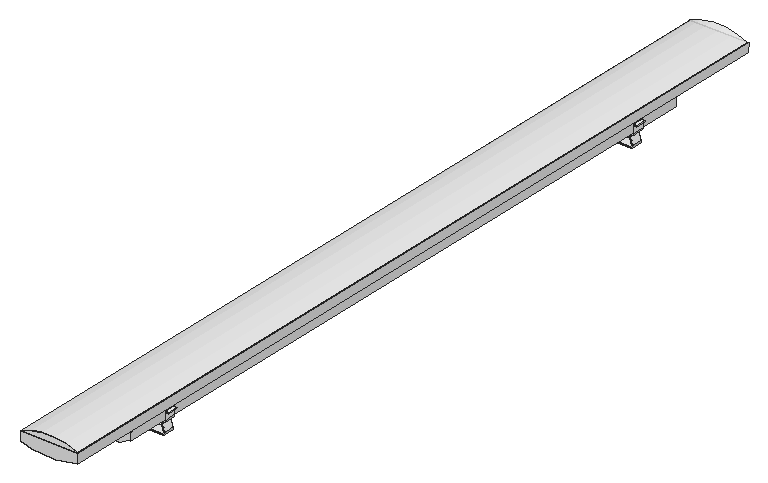
Revit family "Lighting-Industriale-GEWISS-SMART[3]PLUS-HLO-PLAFONIERA-LED_OPALE_1600mm", category Apparecchi per illuminazione, host Superficie, Revit 2019
Family settings
  Host = Superficie
  Quota connettore circolare = Usa diametro
  Tipo di parte = Normale
  Numero OmniClass = 23.80.70.11
  Titolo OmniClass = Luminaries for Internal Lighting
  Taglio con vuoti quando caricato = No
  Sorgente d'illuminazione = Sì
  Condiviso = No
  Punto di calcolo locali = No
Parameters (values of type "GWS3323BP957 - SMART3 PLUS 1600 T.W.DALI HO OPAL 9 57")
  Wattage = 27 W
  Versione file RFA = "20.0"
  Variazione temperatura colore lampada con luminosità attenuata = (empty or 0)
  URL = "https://www.gewiss.com/it/it"
  Tipologia sorgente luminosa = "LED - Non sostituibile"
  Tipologia = "DALI"
  Tipo alimentatore = ""
  Tensione = "220-240 V "
  Temperatura di utilizzo = "-25 +45 °C"
  Temperatura di funzionamento = "-25 +45 °C"
  Temperatura di colore: = "5700 K (CRI > 90)"
  Temperatura di colore = "5700 K (CRI > 90)"
  built-in parameter 1150107 = 5700 (stored number, unit not read)
  Struttura = GEWISS - SMART 3 - GRIGIO
  Stampa 1_200 = no
  Stampa 1_100 = not(Stampa 1_200)  # yes
  Spostamento_Y_etichetta [instance] = 0 mm
  Spostamento_Y_effettivo_etichetta [instance] = 1500 mm - Spostamento_Y_etichetta  # 1500 mm
  Spostamento_X_etichetta [instance] = 0 mm
  Spostamento_X_effettivo_etichetta [instance] = 1500 mm - Spostamento_X_etichetta  # 1500 mm
  Schermo. = Gewiss - Led Acceso
  Schermo = "Opale"
  Scheda Tecnica = "https://www.gewiss.com/it/it/search?q=GWS3323BP957"
  SEO = "Plafoniera"
  Resistenza agli urti = "IK08"
  Default Elevation = 1219.2 mm
  Produttore = "GEWISS S.p.A."
  Potenza di sistema = "63 W"
  Peso (kg): = ""
  built-in parameter 1150110 = 1 (stored number, unit not read)
  built-in parameter 1150109 = 1 (stored number, unit not read)
  built-in parameter 1114218 = 1 (stored number, unit not read)
  built-in parameter 1150112 = 1 (stored number, unit not read)
  NÂ° LED (#) = ""
  Modello = "GWS3323BP957"
  built-in parameter 1150137 = (empty or 0)
  built-in parameter 1150132 = (empty or 0)
  Lunghezza Lampada = 1600 mm  # constant formula
  Lunghezza = "1600 mm"
  Lumen output (lm) = "6600"
  Lampada: = "LED"
  Lampada = "LED"
  LED LifeTime (L80B20) = ""
  LED Life time (L90B50) = ""
  LED Life time (L80B50) = ""
  LED Life time (L70) = ""
  built-in parameter 1150105 = 1406.7 (stored number, unit not read)
  built-in parameter 1150102 = (empty or 0)
  Type Image = GWS3158P.jpg
  built-in parameter 1150106 = 14.067 (stored number, unit not read)
  IFC.TypeObject = ""
  IFC.ExportType = ""
  IFC.ExportAs = ""
  IDT = "8a2f87bf-570c-4127-a720-814a1062d841"
  IDF = "e7253853-8f5d-466b-a8b9-fa9109ca4562"
  Grado di protezione = "IP66/IP69"
  Glow Wire Test = "850°C"
  Garanzia = "5 anni"
  Ganci = GEWISS  - ALLUMINIO
  Flusso nominale (lm) = ""
  Lumens = 4010.63 lm
  Color Filter = 16777215
  File diagramma fotometrico = "GWS3323BP957.IES"
  built-in parameter 1114217 = 1 (stored number, unit not read)
  built-in parameter 1150139 = (empty or 0)
  Failure rate apparecchio (50.000h, Tq=25Â° C) = ""
  Failure rate apparecchio (35.000h, Tq=35Â° C) = ""
  Emetti da lunghezza linea = 700 mm
  built-in parameter 1150104 = 13.8 (stored number, unit not read)
  built-in parameter 1150115 = 1 (stored number, unit not read)
  built-in parameter 1150114 = 1 (stored number, unit not read)
  built-in parameter 1150113 = 1 (stored number, unit not read)
  Descrizione = "SMART3 PLUS 1600 T.W.DALI HO OPAL 9 57"
  Creato da GEWISS S.p.A. = ""
  Commenti sul wattaggio = "55W"
  built-in parameter 1150134 = (empty or 0)
  built-in parameter 1150138 = (empty or 0)
  Codice Electrocod = "2434"
  Codice EAN = ""
  Classe isolamento = "II"
  Classe di efficienza LED integrati = "A ÷ A++"
  Catalogo Serie = "SMART[3] PLUS HLO"
  Catalogo = "LIGHTING"
  Carico apparente = 55 VA
  COBie.Tagnumber = ""
  COBie.CreatedOn = ""
  COBie.CreatebBy = ""
  COBie.ComponentRegisterItemID = ""
  COBie.Component.TagNumber = ""
  COBie.Component.Space = ""
  COBie.Component.SerialNumber = ""
  COBie.Component.InstallationDate = ""
  COBie.Component.Description = ""
  COBie.Component.BarCode = ""
  Applicazione = "Interno"
  Apparecchio a ridotta temperatura superficiale = ""
  Tilt Angle = -90.00°
  built-in parameter 1150133 = 10 (stored number, unit not read)
Types (25, lengths in mm): name | Tipologia | Temperatura di utilizzo | Temperatura di funzionamento | Temperatura di colore: | Temperatura di colore | Scheda Tecnica | Potenza di sistema | Modello | Lumen output (lm) | IDT | File diagramma fotometrico | Emetti da lunghezza linea | Descrizione | Commenti sul wattaggio | Carico apparente
  (no name) | "DALI" | "-25 +45 °C" | "-25 +45 °C" | "5700 K (CRI > 90)" | "5700 K (CRI > 90)" | "https://www.gewiss.com/it/it/search?q=GWS3323BP957" | "63 W" | "GWS3323BP957" | "6600" | "8a2f87bf-570c-4127-a720-814a1062d841" | "GWS3323BP957.IES" | 700 | "SMART3 PLUS 1600 T.W.DALI HO OPAL 9 57" | "55W" | 55 VA
  GWS3320BP830 - SMART3 PLUS 1600 ON/OFF HO OPAL 8 30 | "" | "-25 +50 °C" | "-25 +50 °C" | "3000 K (CRI > 80)" | "3000 K (CRI > 80)" | "https://www.gewiss.com/it/it/search?q=GWS3320BP830" | "61 W" | "GWS3320BP830" | "7900" | "87c30cde-edad-453a-8c06-f978743efbaa" | "GWS3320BP830.IES" | 1200 | "SMART3 PLUS 1600 ON/OFF HO OPAL 8 30" | "26W" | 26 VA
  GWS3320BP840 - SMART3 PLUS 1600 ON/OFF HO OPAL 8 40 | "" | "-25 +50 °C" | "-25 +50 °C" | "4000 K (CRI > 80)" | "4000 K (CRI > 80)" | "https://www.gewiss.com/it/it/search?q=GWS3320BP840" | "61 W" | "GWS3320BP840" | "8300" | "d83206ba-3e96-4f99-95ec-140d6f7fbd21" | "GWS3320BP840.IES" | 1200 | "SMART3 PLUS 1600 ON/OFF HO OPAL 8 40" | "26W" | 26 VA
  GWS3320BP857 - SMART3 PLUS 1600 ON/OFF HO OPAL 8 57 | "" | "-25 +50 °C" | "-25 +50 °C" | "5700 K (CRI > 80)" | "5700 K (CRI > 80)" | "https://www.gewiss.com/it/it/search?q=GWS3320BP857" | "61 W" | "GWS3320BP857" | "8300" | "95fd505b-5e1f-44dc-b99b-838e02d96f20" | "GWS3320BP857.IES" | 1200 | "SMART3 PLUS 1600 ON/OFF HO OPAL 8 57" | "26W" | 26 VA
  GWS3322BP830 - SMART3 PLUS 1600 T.W.ON/OFF HO OPAL 8 30 | "" | "-25 +50 °C" | "-25 +50 °C" | "3000 K (CRI > 80)" | "3000 K (CRI > 80)" | "https://www.gewiss.com/it/it/search?q=GWS3322BP830" | "61 W" | "GWS3322BP830" | "7900" | "a9284d8b-341d-46fd-8861-b0e6e9694efb" | "GWS3322BP830.IES" | 1200 | "SMART3 PLUS 1600 T.W.ON/OFF HO OPAL 8 30" | "53W" | 53 VA
  GWS3322BP840 - SMART3 PLUS 1600 T.W.ON/OFF HO OPAL 8 40 | "" | "-25 +50 °C" | "-25 +50 °C" | "4000 K (CRI > 80)" | "4000 K (CRI > 80)" | "https://www.gewiss.com/it/it/search?q=GWS3322BP840" | "61 W" | "GWS3322BP840" | "8300" | "b2f10b16-458c-41bb-84a2-c2e1839eb847" | "GWS3322BP840.IES" | 700 | "SMART3 PLUS 1600 T.W.ON/OFF HO OPAL 8 40" | "53W" | 53 VA
  GWS3322BP857 - SMART3 PLUS 1600 T.W.ON/OFF HO OPAL 8 57 | "" | "-25 +50 °C" | "-25 +50 °C" | "5700 K (CRI > 80)" | "5700 K (CRI > 80)" | "https://www.gewiss.com/it/it/search?q=GWS3322BP857" | "61 W" | "GWS3322BP857" | "8300" | "82784fbf-9c2a-4fe5-bbf6-6f8c60a6c1b4" | "GWS3322BP857.IES" | 700 | "SMART3 PLUS 1600 T.W.ON/OFF HO OPAL 8 57" | "53W" | 53 VA
  GWS3320BP930 - SMART3 PLUS 1600 ON/OFF HO OPAL 9 30 | "" | "-25 +50 °C" | "-25 +50 °C" | "3000 K (CRI > 90)" | "3000 K (CRI > 90)" | "https://www.gewiss.com/it/it/search?q=GWS3320BP930" | "61 W" | "GWS3320BP930" | "6100" | "abe36ae0-fb21-4bbf-9179-678530f4ee9f" | "GWS3320BP930.IES" | 1200 | "SMART3 PLUS 1600 ON/OFF HO OPAL 9 30" | "27W" | 27 VA
  GWS3320BP940 - SMART3 PLUS 1600 ON/OFF HO OPAL 9 40 | "" | "-25 +50 °C" | "-25 +50 °C" | "4000 K (CRI > 90)" | "4000 K (CRI > 90)" | "https://www.gewiss.com/it/it/search?q=GWS3320BP940" | "61 W" | "GWS3320BP940" | "6600" | "c1ac5adb-d878-41eb-8d2c-c01aaf2c85ed" | "GWS3320BP940.IES" | 1200 | "SMART3 PLUS 1600 ON/OFF HO OPAL 9 40" | "27W" | 27 VA
  GWS3320BP957 - SMART3 PLUS 1600 ON/OFF HO OPAL 9 57 | "" | "-25 +50 °C" | "-25 +50 °C" | "5700 K (CRI > 90)" | "5700 K (CRI > 90)" | "https://www.gewiss.com/it/it/search?q=GWS3320BP957" | "61 W" | "GWS3320BP957" | "6600" | "7730f919-17f5-41bd-9f2b-6956c50abdcf" | "GWS3320BP957.IES" | 1200 | "SMART3 PLUS 1600 ON/OFF HO OPAL 9 57" | "27W" | 27 VA
  GWS3322BP930 - SMART3 PLUS 1600 T.W.ON/OFF HO OPAL 9 30 | "" | "-25 +50 °C" | "-25 +50 °C" | "3000 K (CRI > 90)" | "3000 K (CRI > 90)" | "https://www.gewiss.com/it/it/search?q=GWS3322BP930" | "61 W" | "GWS3322BP930" | "6100" | "e1fee4f5-68c4-4c65-8a7e-80283154476d" | "GWS3322BP930.IES" | 700 | "SMART3 PLUS 1600 T.W.ON/OFF HO OPAL 9 30" | "55W" | 55 VA
  GWS3322BP940 - SMART3 PLUS 1600 T.W.ON/OFF HO OPAL 9 40 | "" | "-25 +50 °C" | "-25 +50 °C" | "4000 K (CRI > 90)" | "4000 K (CRI > 90)" | "https://www.gewiss.com/it/it/search?q=GWS3322BP940" | "61 W" | "GWS3322BP940" | "6600" | "b5161a7b-cd0b-4ad1-981a-d991c264674a" | "GWS3322BP940.IES" | 700 | "SMART3 PLUS 1600 T.W.ON/OFF HO OPAL 9 40" | "55W" | 55 VA
  GWS3322BP957 - SMART3 PLUS 1600 T.W.ON/OFF HO OPAL 9 57 | "" | "-25 +50 °C" | "-25 +50 °C" | "5700 K (CRI > 90)" | "5700 K (CRI > 90)" | "https://www.gewiss.com/it/it/search?q=GWS3322BP957" | "61 W" | "GWS3322BP957" | "6600" | "18458a08-39a0-4488-98b8-f88d3d8e5e3a" | "GWS3322BP957.IES" | 700 | "SMART3 PLUS 1600 T.W.ON/OFF HO OPAL 9 57" | "55W" | 55 VA
  GWS3321BP830 - SMART3 PLUS 1600 DALI HO OPAL 8 30 | "DALI" | "-25 +45 °C" | "-25 +45 °C" | "3000 K (CRI > 80)" | "3000 K (CRI > 80)" | "https://www.gewiss.com/it/it/search?q=GWS3321BP830" | "63 W" | "GWS3321BP830" | "7900" | "4762404a-ceee-44cb-9336-bdc1032d9273" | "GWS3321BP830.IES" | 1200 | "SMART3 PLUS 1600 DALI HO OPAL 8 30" | "26W" | 26 VA
  GWS3321BP840 - SMART3 PLUS 1600 DALI HO OPAL 8 40 | "DALI" | "-25 +45 °C" | "-25 +45 °C" | "4000 K (CRI > 80)" | "4000 K (CRI > 80)" | "https://www.gewiss.com/it/it/search?q=GWS3321BP840" | "63 W" | "GWS3321BP840" | "8300" | "1e73b6a6-fbad-4ac0-8d4d-63eed1988ec6" | "GWS3321BP840.IES" | 1200 | "SMART3 PLUS 1600 DALI HO OPAL 8 40" | "26W" | 26 VA
  GWS3321BP857 - SMART3 PLUS 1600 DALI HO OPAL 8 57 | "DALI" | "-25 +45 °C" | "-25 +45 °C" | "5700 K (CRI > 80)" | "5700 K (CRI > 80)" | "https://www.gewiss.com/it/it/search?q=GWS3321BP857" | "63 W" | "GWS3321BP857" | "8300" | "5e51d208-ac60-4c09-9fa4-41db0a39a122" | "GWS3321BP857.IES" | 1200 | "SMART3 PLUS 1600 DALI HO OPAL 8 57" | "26W" | 26 VA
  GWS3321BP930 - SMART3 PLUS 1600 DALI HO OPAL 9 30 | "DALI" | "-25 +45 °C" | "-25 +45 °C" | "3000 K (CRI > 90)" | "3000 K (CRI > 90)" | "https://www.gewiss.com/it/it/search?q=GWS3321BP930" | "63 W" | "GWS3321BP930" | "6100" | "84f3807c-6235-4bf4-a8ee-ba938a9bb996" | "GWS3321BP930.IES" | 1200 | "SMART3 PLUS 1600 DALI HO OPAL 9 30" | "27W" | 27 VA
  GWS3321BP940 - SMART3 PLUS 1600 DALI HO OPAL 9 40 | "DALI" | "-25 +45 °C" | "-25 +45 °C" | "4000 K (CRI > 90)" | "4000 K (CRI > 90)" | "https://www.gewiss.com/it/it/search?q=GWS3321BP940" | "63 W" | "GWS3321BP940" | "6600" | "56cb22e9-a9c5-4bea-a621-87f88641cdeb" | "GWS3321BP940.IES" | 1200 | "SMART3 PLUS 1600 DALI HO OPAL 9 40" | "27W" | 27 VA
  GWS3321BP957 - SMART3 PLUS 1600 DALI HO OPAL 9 57 | "DALI" | "-25 +45 °C" | "-25 +45 °C" | "5700 K (CRI > 90)" | "5700 K (CRI > 90)" | "https://www.gewiss.com/it/it/search?q=GWS3321BP957" | "63 W" | "GWS3321BP957" | "6600" | "edd4548a-5cdc-4395-8af1-f6a5a06603d4" | "GWS3321BP957.IES" | 700 | "SMART3 PLUS 1600 DALI HO OPAL 9 57" | "27W" | 27 VA
  GWS3323BP830 - SMART3 PLUS 1600 T.W.DALI HO OPAL 8 30 | "DALI" | "-25 +45 °C" | "-25 +45 °C" | "3000 K (CRI > 80)" | "3000 K (CRI > 80)" | "https://www.gewiss.com/it/it/search?q=GWS3323BP830" | "63 W" | "GWS3323BP830" | "7900" | "384fc179-10b4-498e-8d66-a2a1550b6e71" | "GWS3323BP830.IES" | 700 | "SMART3 PLUS 1600 T.W.DALI HO OPAL 8 30" | "53W" | 53 VA
  GWS3323BP840 - SMART3 PLUS 1600 T.W.DALI HO OPAL 8 40 | "DALI" | "-25 +45 °C" | "-25 +45 °C" | "4000 K (CRI > 80)" | "4000 K (CRI > 80)" | "https://www.gewiss.com/it/it/search?q=GWS3323BP840" | "63 W" | "GWS3323BP840" | "8300" | "0cd5fa95-f92d-464a-8a2b-dd473b96c398" | "GWS3323BP840.IES" | 700 | "SMART3 PLUS 1600 T.W.DALI HO OPAL 8 40" | "53W" | 53 VA
  GWS3323BP857 - SMART3 PLUS 1600 T.W.DALI HO OPAL 8 57 | "DALI" | "-25 +45 °C" | "-25 +45 °C" | "5700 K (CRI > 80)" | "5700 K (CRI > 80)" | "https://www.gewiss.com/it/it/search?q=GWS3323BP857" | "63 W" | "GWS3323BP857" | "8300" | "f4c22989-0337-4135-972b-e96cd29a414a" | "GWS3323BP857.IES" | 700 | "SMART3 PLUS 1600 T.W.DALI HO OPAL 8 57" | "53W" | 53 VA
  GWS3323BP930 - SMART3 PLUS 1600 T.W.DALI HO OPAL 9 30 | "DALI" | "-25 +45 °C" | "-25 +45 °C" | "3000 K (CRI > 90)" | "3000 K (CRI > 90)" | "https://www.gewiss.com/it/it/search?q=GWS3323BP930" | "63 W" | "GWS3323BP930" | "6100" | "b3f390f9-232f-4c3c-a66c-a3925f9a305e" | "GWS3323BP930.IES" | 700 | "SMART3 PLUS 1600 T.W.DALI HO OPAL 9 30" | "55W" | 55 VA
  GWS3323BP940 - SMART3 PLUS 1600 T.W.DALI HO OPAL 9 40 | "DALI" | "-25 +45 °C" | "-25 +45 °C" | "4000 K (CRI > 90)" | "4000 K (CRI > 90)" | "https://www.gewiss.com/it/it/search?q=GWS3323BP940" | "63 W" | "GWS3323BP940" | "6600" | "1d455388-5442-43f3-a70e-a8a9cce4673f" | "GWS3323BP940.IES" | 700 | "SMART3 PLUS 1600 T.W.DALI HO OPAL 9 40" | "55W" | 55 VA
  GWS3323BP957 - SMART3 PLUS 1600 T.W.DALI HO OPAL 9 57 | "DALI" | "-25 +45 °C" | "-25 +45 °C" | "5700 K (CRI > 90)" | "5700 K (CRI > 90)" | "https://www.gewiss.com/it/it/search?q=GWS3323BP957" | "63 W" | "GWS3323BP957" | "6600" | "8a2f87bf-570c-4127-a720-814a1062d841" | "GWS3323BP957.IES" | 700 | "SMART3 PLUS 1600 T.W.DALI HO OPAL 9 57" | "55W" | 55 VA
Values of the unnamed type that differ from the named types
  Variazione temperatura colore lampada con luminosità attenuata = <Nessuno>
Reference planes
  plane 1 "Centro (Fronte/Retro)": y = 0
  plane 2: z = 0
  plane 3 "Centro (Sinistra/Destra)": x = 0
  plane 4: x = -1500
  plane 5: y = -1500
  plane 6: x = 0
  plane 7: y = 0
Forms (mm)
  Extrusion 1, solid, material "GEWISS  - ALLUMINIO" <- "Ganci", detail levels medium+fine
    sketch origin (0, 0, 0) x (1, 0, 0) y (0, 0, 1)
      loop
        arc (31.431, -0.002) -> (34.576, 1.589) -> (35.156, 5.066) r 3.903
        line (35.156, 5.066) -> (29.612, 23.211)
        arc (29.612, 23.211) -> (29.883, 24.381) -> (31.032, 24.73) r 1.2
        line (31.032, 24.73) -> (34.307, 23.974)
        arc (34.307, 23.974) -> (36.765, 24.53) -> (37.859, 26.8) r 2.9
        line (37.859, 26.8) -> (37.859, 38.8)
        arc (37.859, 38.8) -> (37.648, 39.694) -> (37.059, 40.4) r 2
        line (37.059, 40.4) -> (37.059, 42.71) -> (42.861, 40.598) -> (43.203, 41.538) -> (37.53, 43.603)
        arc (37.53, 43.603) -> (37.019, 43.613) -> (36.605, 43.311) r 0.8
        line (36.605, 43.311) -> (36.306, 26.139)
        arc (36.306, 26.139) -> (35.6, 25.444) -> (34.616, 25.34) r 1.5
        line (34.616, 25.34) -> (31.344, 26.095)
        arc (31.344, 26.095) -> (28.858, 25.335) -> (28.273, 22.802) r 2.6
        line (28.273, 22.802) -> (33.827, 4.636)
        arc (33.827, 4.636) -> (33.449, 2.415) -> (31.438, 1.4) r 2.5
        line (31.438, 1.4) -> (-31.437, 1.4)
        arc (-31.437, 1.4) -> (-33.449, 2.415) -> (-33.827, 4.636) r 2.5
        line (-33.827, 4.636) -> (-28.273, 22.802)
        arc (-28.273, 22.802) -> (-28.858, 25.335) -> (-31.344, 26.095) r 2.6
        line (-31.344, 26.095) -> (-34.616, 25.34)
        arc (-34.616, 25.34) -> (-35.6, 25.444) -> (-36.306, 26.139) r 1.5
        line (-36.306, 26.139) -> (-36.605, 43.311)
        arc (-36.605, 43.311) -> (-37.019, 43.613) -> (-37.53, 43.603) r 0.8
        line (-37.53, 43.603) -> (-43.203, 41.538) -> (-42.861, 40.598) -> (-37.059, 42.71) -> (-37.059, 40.4)
        arc (-37.059, 40.4) -> (-37.648, 39.694) -> (-37.859, 38.8) r 2
        line (-37.859, 38.8) -> (-37.859, 26.8)
        arc (-37.859, 26.8) -> (-36.765, 24.53) -> (-34.307, 23.974) r 2.9
        line (-34.307, 23.974) -> (-31.032, 24.73)
        arc (-31.032, 24.73) -> (-29.883, 24.381) -> (-29.612, 23.211) r 1.2
        line (-29.612, 23.211) -> (-35.156, 5.066)
        arc (-35.156, 5.066) -> (-34.576, 1.589) -> (-31.431, -0.002) r 3.903
        line (-31.431, -0.002) -> (31.431, -0.002)
    from 548.766 to 568.766
  Extrusion 2, solid, material "GEWISS  - ALLUMINIO" <- "Ganci", detail levels medium+fine
    sketch origin (0, 0, 0) x (1, 0, 0) y (0, 0, -1)
      loop
        line (31.431, 0.002) -> (-31.431, 0.002)
        arc (-31.431, 0.002) -> (-34.576, -1.589) -> (-35.156, -5.066) r 3.903
        line (-35.156, -5.066) -> (-29.612, -23.211)
        arc (-29.612, -23.211) -> (-29.883, -24.381) -> (-31.032, -24.73) r 1.2
        line (-31.032, -24.73) -> (-34.307, -23.974)
        arc (-34.307, -23.974) -> (-36.765, -24.53) -> (-37.859, -26.8) r 2.9
        line (-37.859, -26.8) -> (-37.859, -38.8)
        arc (-37.859, -38.8) -> (-37.648, -39.694) -> (-37.059, -40.4) r 2
        line (-37.059, -40.4) -> (-37.059, -42.71) -> (-42.861, -40.598) -> (-43.203, -41.538) -> (-37.53, -43.603)
        arc (-37.53, -43.603) -> (-37.019, -43.613) -> (-36.605, -43.311) r 0.8
        line (-36.605, -43.311) -> (-36.306, -26.139)
        arc (-36.306, -26.139) -> (-35.6, -25.444) -> (-34.616, -25.34) r 1.5
        line (-34.616, -25.34) -> (-31.344, -26.095)
        arc (-31.344, -26.095) -> (-28.858, -25.335) -> (-28.273, -22.802) r 2.6
        line (-28.273, -22.802) -> (-33.827, -4.636)
        arc (-33.827, -4.636) -> (-33.449, -2.415) -> (-31.437, -1.4) r 2.5
        line (-31.437, -1.4) -> (31.438, -1.4)
        arc (31.438, -1.4) -> (33.449, -2.415) -> (33.827, -4.636) r 2.5
        line (33.827, -4.636) -> (28.273, -22.802)
        arc (28.273, -22.802) -> (28.858, -25.335) -> (31.344, -26.095) r 2.6
        line (31.344, -26.095) -> (34.616, -25.34)
        arc (34.616, -25.34) -> (35.6, -25.444) -> (36.306, -26.139) r 1.5
        line (36.306, -26.139) -> (36.605, -43.311)
        arc (36.605, -43.311) -> (37.019, -43.613) -> (37.53, -43.603) r 0.8
        line (37.53, -43.603) -> (43.203, -41.538) -> (42.861, -40.598) -> (37.059, -42.71) -> (37.059, -40.4)
        arc (37.059, -40.4) -> (37.648, -39.694) -> (37.859, -38.8) r 2
        line (37.859, -38.8) -> (37.859, -26.8)
        arc (37.859, -26.8) -> (36.765, -24.53) -> (34.307, -23.974) r 2.9
        line (34.307, -23.974) -> (31.032, -24.73)
        arc (31.032, -24.73) -> (29.883, -24.381) -> (29.612, -23.211) r 1.2
        line (29.612, -23.211) -> (35.156, -5.066)
        arc (35.156, -5.066) -> (34.576, -1.589) -> (31.431, 0.002) r 3.903
    from 548.766 to 568.766
  Extrusion 3, solid, material "GEWISS - SMART 3 - GRIGIO" <- "Struttura", detail levels medium+fine
    sketch origin (0, 0, 0) x (1, 0, 0) y (0, 0, 1)
      loop
        line (-36.331, 55.757) -> (-35.847, 28.018)
        arc (-35.847, 28.018) -> (-33.139, 27.27) -> (-30.416, 26.58) r 129.5
        arc (-30.416, 26.58) -> (-28.066, 25.76) -> (-25.915, 24.506) r 13
        arc (-25.915, 24.506) -> (-24.23, 23.324) -> (-22.521, 22.178) r 99.5
        arc (-22.521, 22.178) -> (-16.401, 19.063) -> (-9.748, 17.365) r 31.146
        line (-9.748, 17.365) -> (12.491, 17.365)
        arc (12.491, 17.365) -> (17.822, 19.098) -> (22.764, 21.745) r 31.646
        arc (22.764, 21.745) -> (24.509, 22.915) -> (26.228, 24.122) r 100
        arc (26.228, 24.122) -> (28.283, 25.313) -> (30.525, 26.095) r 12.5
        arc (30.525, 26.095) -> (33.437, 26.834) -> (36.332, 27.64) r 130
        line (36.332, 27.64) -> (36.824, 55.851)
        arc (36.824, 55.851) -> (24.914, 53.937) -> (12.909, 52.764) r 195.047
        line (12.909, 52.764) -> (-12.909, 52.764)
        arc (-12.909, 52.764) -> (-24.665, 53.905) -> (-36.331, 55.757) r 195.047
    from -650 to 650
  Extrusion 4, solid, material "GEWISS - SMART 3 - GRIGIO" <- "Struttura", detail levels medium+fine
    sketch origin (0, 0, 0) x (1, 0, 0) y (0, 0, 1)
      loop
        line (54.725, 60.184) -> (55.177, 77.445) -> (-55.177, 77.445) -> (-54.725, 60.184)
        arc (-54.725, 60.184) -> (-34.019, 55.332) -> (-12.909, 52.764) r 195.047
        line (-12.909, 52.764) -> (12.909, 52.764)
        arc (12.909, 52.764) -> (34.019, 55.332) -> (54.725, 60.184) r 195.047
    from -800 to 800
  Extrusion 5, solid, material "Gewiss - Led Acceso" <- "Schermo.", detail levels medium+fine
    sketch origin (0, 0, 0) x (1, 0, 0) y (0, 0, 1)
      loop
        arc (54.697, 78.441) -> (-0.014, 90.457) -> (-54.723, 78.429) r 130.5
        arc (-54.723, 78.429) -> (-54.988, 77.838) -> (-54.5, 77.445) r 0.5
        line (-54.5, 77.445) -> (54.479, 77.445)
        arc (54.479, 77.445) -> (54.988, 77.855) -> (54.697, 78.441) r 0.522
    from -800 to 800
  Extrusion 6, solid, material "GEWISS - SMART 3 - GRIGIO" <- "Struttura", detail levels coarse
    sketch origin (0, 0, 0) x (1, 0, 0) y (0, 0, 1)
      loop
        line (-54.5, 90.439) -> (-54.5, 0) -> (54.5, 0) -> (54.5, 90.439) -> (-54.5, 90.439)
    from -800 to 800
Lines and regions (mm)
  Masking region 1
    outline origin (0, 0, 0) x (1, 0, 0) y (0, 1, 0)
      loop
        line (-55.177, 800) -> (-55.177, -800) -> (55.177, -800) -> (55.177, 800) -> (-55.177, 800)
  symbolic lines, style "GEWISS - LIGHT 2D"
    curve 1: line (0, 528.766, 0) -> (0, -511.234, 0)
Dimensions and locks
  plane 4 to plane 3 "Centro (Sinistra/Destra)" = 1500 mm
  "Spostamento_X_effettivo_etichetta": plane 4 to plane 6
  "Spostamento_Y_effettivo_etichetta": plane 7 to plane 5
  plane 1 "Centro (Fronte/Retro)" to plane 5 = 1500 mm
  aligned and locked: plane 2 to host face
  aligned and locked: level to host face
  aligned and locked: Masking region 1 sketch curve to Extrusion 4  (x4)
  aligned and locked: plane 6 to nested 1
  aligned and locked: nested 1 to plane 7
  aligned and locked: curve 1 to plane 3 "Centro (Sinistra/Destra)"
Automatic sketch dimensions
  host sketch curve to host sketch curve = 2438.4 mm  (x2)
  Extrusion 1 sketch curve to Extrusion 1 sketch curve = 0 mm  (x28)
  Extrusion 1 sketch curve to plane 3 "Centro (Sinistra/Destra)" = 43.203 mm
  level to Extrusion 1 sketch curve = 40.598 mm
  Extrusion 1 sketch curve to Extrusion 1 sketch curve = 0.342 mm  (x2)
  Extrusion 1 sketch curve to Extrusion 1 sketch curve = 5.002 mm  (x2)
  Extrusion 1 sketch curve to Extrusion 1 sketch curve = 0.329 mm
  Extrusion 1 sketch curve to Extrusion 1 sketch curve = 0.271 mm  (x2)
  Extrusion 1 sketch curve to Extrusion 1 sketch curve = 0.8 mm  (x2)
  Extrusion 1 sketch curve to Extrusion 1 sketch curve = 0.454 mm  (x2)
  Extrusion 1 sketch curve to Extrusion 1 sketch curve = 1.554 mm
  Extrusion 1 sketch curve to Extrusion 1 sketch curve = 2 mm
  level to Extrusion 1 sketch curve = 5.066 mm  (x2)
  Extrusion 1 sketch curve to Extrusion 1 sketch curve = 1.15 mm
  Extrusion 1 sketch curve to Extrusion 1 sketch curve = 1.346 mm  (x2)
  Extrusion 1 sketch curve to Extrusion 1 sketch curve = 0.343 mm  (x2)
  level to Extrusion 1 sketch curve = 4.636 mm  (x2)
  Extrusion 1 sketch curve to Extrusion 1 sketch curve = 1.329 mm  (x2)
  level to Extrusion 1 sketch curve = 1.4 mm
  Extrusion 1 sketch curve to Extrusion 1 sketch curve = 2.389 mm  (x2)
  Extrusion 1 sketch curve to Extrusion 1 sketch curve = 0.007 mm  (x2)
  Extrusion 1 sketch curve to Extrusion 1 sketch curve = 3.584 mm  (x2)
  Extrusion 1 sketch curve to Extrusion 1 sketch curve = 0.273 mm  (x2)
  plane 3 "Centro (Sinistra/Destra)" to Extrusion 1 sketch curve = 30.759 mm
  Extrusion 1 sketch curve to level = 0.002 mm
  Extrusion 1 sketch curve to Extrusion 1 sketch curve = 0.672 mm
  Extrusion 1 sketch curve to Extrusion 1 sketch curve = 0.9 mm
  level to Extrusion 1 sketch curve = 26.139 mm
  Extrusion 1 sketch curve to Extrusion 1 sketch curve = 0.746 mm
  Extrusion 1 sketch curve to Extrusion 1 sketch curve = 0.2 mm
  Extrusion 1 sketch curve to Extrusion 1 sketch curve = 2.577 mm
  Extrusion 1 sketch curve to Extrusion 1 sketch curve = 18.496 mm
  Extrusion 1 sketch curve to Extrusion 1 sketch curve = 1.169 mm  (x2)
  Extrusion 1 sketch curve to Extrusion 1 sketch curve = 0.799 mm  (x2)
  Extrusion 1 sketch curve to Extrusion 1 sketch curve = 0.609 mm
  Extrusion 1 sketch curve to Extrusion 1 sketch curve = 1.798 mm  (x2)
  Extrusion 1 sketch curve to Extrusion 1 sketch curve = 12 mm
  Extrusion 1 sketch curve to Extrusion 1 sketch curve = 0.94 mm  (x2)
  Extrusion 1 sketch curve to Extrusion 1 sketch curve = 0.14 mm  (x2)
  Extrusion 1 sketch curve to Extrusion 1 sketch curve = 0.309 mm  (x2)
  Extrusion 1 sketch curve to Extrusion 1 sketch curve = 0.312 mm  (x2)
  Extrusion 1 sketch curve to Extrusion 1 sketch curve = 1.148 mm  (x2)
  Extrusion 1 sketch curve to Extrusion 1 sketch curve = 1.339 mm
  Extrusion 1 sketch curve to Extrusion 1 sketch curve = 2.486 mm
  Extrusion 1 sketch curve to Extrusion 1 sketch curve = 0.409 mm  (x2)
  Extrusion 2 sketch curve to Extrusion 2 sketch curve = 0 mm  (x28)
  Extrusion 2 sketch curve to plane 3 "Centro (Sinistra/Destra)" = 43.203 mm
  level to Extrusion 2 sketch curve = 40.598 mm
  Extrusion 2 sketch curve to Extrusion 2 sketch curve = 0.342 mm  (x2)
  Extrusion 2 sketch curve to Extrusion 2 sketch curve = 5.002 mm  (x2)
  Extrusion 2 sketch curve to Extrusion 2 sketch curve = 0.329 mm
  Extrusion 2 sketch curve to Extrusion 2 sketch curve = 0.271 mm  (x2)
  Extrusion 2 sketch curve to Extrusion 2 sketch curve = 0.8 mm  (x2)
  Extrusion 2 sketch curve to Extrusion 2 sketch curve = 0.454 mm  (x2)
  Extrusion 2 sketch curve to Extrusion 2 sketch curve = 1.554 mm
  Extrusion 2 sketch curve to Extrusion 2 sketch curve = 2 mm
  level to Extrusion 2 sketch curve = 5.066 mm  (x2)
  Extrusion 2 sketch curve to Extrusion 2 sketch curve = 1.15 mm
  Extrusion 2 sketch curve to Extrusion 2 sketch curve = 1.346 mm  (x2)
  Extrusion 2 sketch curve to Extrusion 2 sketch curve = 0.343 mm  (x2)
  level to Extrusion 2 sketch curve = 4.636 mm  (x2)
  Extrusion 2 sketch curve to Extrusion 2 sketch curve = 1.329 mm  (x2)
  level to Extrusion 2 sketch curve = 1.4 mm
  Extrusion 2 sketch curve to Extrusion 2 sketch curve = 2.389 mm  (x2)
  Extrusion 2 sketch curve to Extrusion 2 sketch curve = 0.007 mm  (x2)
  Extrusion 2 sketch curve to Extrusion 2 sketch curve = 3.584 mm  (x2)
  Extrusion 2 sketch curve to Extrusion 2 sketch curve = 0.273 mm  (x2)
  plane 3 "Centro (Sinistra/Destra)" to Extrusion 2 sketch curve = 30.759 mm
  Extrusion 2 sketch curve to level = 0.002 mm
  Extrusion 2 sketch curve to Extrusion 2 sketch curve = 0.672 mm
  Extrusion 2 sketch curve to Extrusion 2 sketch curve = 0.9 mm
  level to Extrusion 2 sketch curve = 26.139 mm
  Extrusion 2 sketch curve to Extrusion 2 sketch curve = 0.746 mm
  Extrusion 2 sketch curve to Extrusion 2 sketch curve = 0.2 mm
  Extrusion 2 sketch curve to Extrusion 2 sketch curve = 14.46 mm
  Extrusion 2 sketch curve to Extrusion 2 sketch curve = 0.94 mm  (x2)
  Extrusion 2 sketch curve to Extrusion 2 sketch curve = 0.14 mm  (x2)
  Extrusion 2 sketch curve to Extrusion 2 sketch curve = 2.31 mm  (x2)
  Extrusion 2 sketch curve to Extrusion 2 sketch curve = 12 mm
  Extrusion 2 sketch curve to Extrusion 2 sketch curve = 0.661 mm  (x2)
  Extrusion 2 sketch curve to Extrusion 2 sketch curve = 0.609 mm  (x2)
  Extrusion 2 sketch curve to Extrusion 2 sketch curve = 1.169 mm  (x2)
  Extrusion 2 sketch curve to Extrusion 2 sketch curve = 0.309 mm  (x2)
  Extrusion 2 sketch curve to Extrusion 2 sketch curve = 0.312 mm  (x2)
  Extrusion 2 sketch curve to Extrusion 2 sketch curve = 1.148 mm  (x2)
  Extrusion 2 sketch curve to Extrusion 2 sketch curve = 1.339 mm
  Extrusion 2 sketch curve to Extrusion 2 sketch curve = 2.486 mm
  Extrusion 2 sketch curve to Extrusion 2 sketch curve = 1.365 mm  (x2)
  Extrusion 3 sketch curve to plane 3 "Centro (Sinistra/Destra)" = 36.331 mm
  Extrusion 3 sketch curve to Extrusion 3 sketch curve = 0.484 mm
  Extrusion 3 sketch curve to Extrusion 3 sketch curve = 2.34 mm
  Extrusion 3 sketch curve to plane 3 "Centro (Sinistra/Destra)" = 32.068 mm
  Extrusion 3 sketch curve to plane 3 "Centro (Sinistra/Destra)" = 12.909 mm
  Extrusion 3 sketch curve to plane 3 "Centro (Sinistra/Destra)" = 9.748 mm
  Extrusion 3 sketch curve to plane 3 "Centro (Sinistra/Destra)" = 5.421 mm
  Extrusion 3 sketch curve to plane 3 "Centro (Sinistra/Destra)" = 0.057 mm
  Extrusion 3 sketch curve to plane 3 "Centro (Sinistra/Destra)" = 0.007 mm
  Extrusion 3 sketch curve to plane 3 "Centro (Sinistra/Destra)" = 0.001 mm
  plane 3 "Centro (Sinistra/Destra)" to Extrusion 3 sketch curve = 0.057 mm
  plane 3 "Centro (Sinistra/Destra)" to Extrusion 3 sketch curve = 5.412 mm
  plane 3 "Centro (Sinistra/Destra)" to Extrusion 3 sketch curve = 12.491 mm
  Extrusion 3 sketch curve to Extrusion 3 sketch curve = 7.496 mm
  plane 3 "Centro (Sinistra/Destra)" to Extrusion 3 sketch curve = 32.059 mm
  Extrusion 3 sketch curve to Extrusion 3 sketch curve = 21.008 mm
  Extrusion 3 sketch curve to Extrusion 3 sketch curve = 2.833 mm
  Extrusion 3 sketch curve to Extrusion 3 sketch curve = 23.916 mm
  level to Extrusion 3 sketch curve = 13.953 mm  (x2)
  level to Extrusion 3 sketch curve = 17.365 mm  (x2)
  Extrusion 3 sketch curve to Extrusion 3 sketch curve = 13.687 mm
  Extrusion 3 sketch curve to Extrusion 3 sketch curve = 14.064 mm
  Extrusion 3 sketch curve to Extrusion 3 sketch curve = 30.844 mm
  Extrusion 3 sketch curve to Extrusion 3 sketch curve = 0 mm  (x3)
  Extrusion 3 sketch curve to Extrusion 3 sketch curve = 4.555 mm
  Extrusion 3 sketch curve to Extrusion 3 sketch curve = 2.993 mm
  Extrusion 3 sketch curve to Extrusion 3 sketch curve = 3.087 mm
  Extrusion 3 sketch curve to Extrusion 3 sketch curve = 49.52 mm
  Extrusion 3 sketch curve to Extrusion 3 sketch curve = 49.615 mm
  Extrusion 3 sketch curve to Extrusion 3 sketch curve = 47.089 mm
  Extrusion 3 sketch curve to Extrusion 3 sketch curve = 5.431 mm
  Extrusion 3 sketch curve to Extrusion 3 sketch curve = 4.5 mm
  Extrusion 3 sketch curve to Extrusion 3 sketch curve = 10.273 mm
  Extrusion 3 sketch curve to Extrusion 3 sketch curve = 3.465 mm
  Extrusion 3 sketch curve to Extrusion 3 sketch curve = 4.297 mm
  Extrusion 4 sketch curve to plane 3 "Centro (Sinistra/Destra)" = 55.177 mm
  Extrusion 4 sketch curve to Extrusion 4 sketch curve = 0.452 mm  (x2)
  Extrusion 4 sketch curve to plane 3 "Centro (Sinistra/Destra)" = 12.909 mm
  Extrusion 4 sketch curve to plane 3 "Centro (Sinistra/Destra)" = 0.057 mm
  plane 3 "Centro (Sinistra/Destra)" to Extrusion 4 sketch curve = 0.057 mm
  plane 3 "Centro (Sinistra/Destra)" to Extrusion 4 sketch curve = 12.909 mm
  Extrusion 4 sketch curve to Extrusion 4 sketch curve = 41.816 mm
  level to Extrusion 4 sketch curve = 52.764 mm
  Extrusion 4 sketch curve to Extrusion 4 sketch curve = 7.42 mm  (x2)
  Extrusion 4 sketch curve to Extrusion 4 sketch curve = 17.262 mm
  Extrusion 5 sketch curve to plane 3 "Centro (Sinistra/Destra)" = 0 mm
  Extrusion 5 sketch curve to plane 3 "Centro (Sinistra/Destra)" = 54.5 mm
  plane 3 "Centro (Sinistra/Destra)" to Extrusion 5 sketch curve = 54.479 mm
  Extrusion 5 sketch curve to level = 40.043 mm
  level to Extrusion 5 sketch curve = 77.445 mm
  Extrusion 5 sketch curve to Extrusion 5 sketch curve = 0.5 mm
  Extrusion 5 sketch curve to Extrusion 5 sketch curve = 0.522 mm
  Extrusion 5 sketch curve to Extrusion 5 sketch curve = 0.21 mm
  Extrusion 5 sketch curve to Extrusion 5 sketch curve = 0.014 mm
  Extrusion 5 sketch curve to Extrusion 5 sketch curve = 0 mm
  Extrusion 6 sketch curve to level = 0 mm
  Extrusion 6 sketch curve to plane 3 "Centro (Sinistra/Destra)" = 54.5 mm
  plane 3 "Centro (Sinistra/Destra)" to Extrusion 6 sketch curve = 54.5 mm
  Extrusion 6 sketch curve to Extrusion 6 sketch curve = 90.439 mm
  plane 1 "Centro (Fronte/Retro)" to curve 1 = 511.234 mm
  curve 1 to plane 1 "Centro (Fronte/Retro)" = 528.766 mm
Nested families
  nested 1: "ETICHETTA WATTAGGIO" at (0, 0, 0), type "ETICHETTA WATTAGGIO"
Connectors
  electrical at (0, 0, 0), driven by "Carico apparente"
    settings: on Masking region 1, index 1, voltage 230 V, apparent load 0 VA, apparent load phase1 55 VA, apparent load phase2 0 VA, apparent load phase3 0 VA, power factor 1, load classification "Illuminazione", number of poles 2, system type 31, power factor state 1, is connector primary yes, connector utility no, sub classification motor no, connector description ""
Definition of nested family "ETICHETTA WATTAGGIO"
  Parameters (values of type "ETICHETTA WATTAGGIO")
    GW - Potenza di sistema = ""
    GW - Numero LED = ""
    COMMENTI = "13W"
    1_200 = no
    1_100 = yes
  Reference planes
    plane 1: y = 0
    plane 2: x = 0
  Text (mm)
    label "GW - Potenza di sistema\nGW - Numero LED LED" at (-0.057, -0.214, 0), shows "GW - Potenza di sistema", "GW - Numero LED", visible <- "1_100"
    label "GW - Potenza di sistema\nGW - Numero LED LED " at (-0.057, -0.214, 0), shows "GW - Potenza di sistema", "GW - Numero LED", visible <- "1_200"
